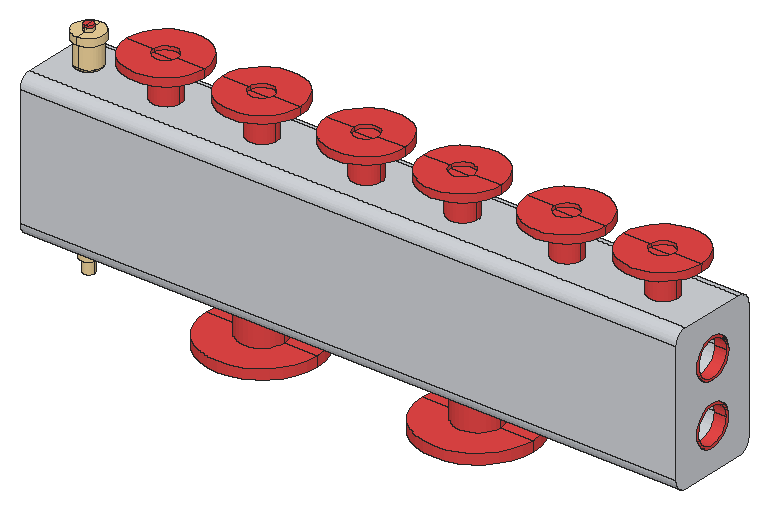
Revit family "R586SEFL", category Pipe Accessories, Revit 2025
Family settings
  Round Connector Dimension = Use Diameter
  Part Type = Normal
  Work Plane-Based = No
  Always vertical = No
  Cut with Voids When Loaded = No
  Shared = No
Parameters (values of type "3 Derivations")
  Width = 150 mm
  URL = "giacomini.com"
  Secondary Nominal Diameter = 40 mm
  Right Side Primary Array Value [instance] = if([Right Side Inlet/Outlet], 3, 2)  # 3
  Right Side Inlet/Outlet [instance] = yes
  Right Side Connector Position [instance] = if(Right Fittings, 54 mm, 0 mm)  # 0 mm
  Right Fittings [instance] = no
  Right Cap Visibility [instance] = not([Right Side Inlet/Outlet])  # no
  R1 = D1 / 2  # 33 mm
  Primary Nominal Diameter = 65 mm
  Model = "3 Derivations"
  Manufacturer = "Giacomini"  # constant formula
  Main Flow Supply [instance] = Flow Supply 1 + Flow Supply 2 + Flow Supply 3  # 0.0 L/s
  Main Flow Return [instance] = Flow Return 1 + Flow Return 2 + Flow Return 3  # 0.0 L/s
  Legth = 1093 mm
  Left Side Primary Array Value [instance] = if([Left Side Inlet/Outlet], 3, 2)  # 3
  Left Side Inlet/Outlet [instance] = yes
  Left Cap Visibility [instance] = not([Left Side Inlet/Outlet])  # no
  L4 = 230.5 mm
  L3 = 182.5 mm
  GIA_Temperature range = "5÷110 °C"  # constant formula
  GIA_Maximum Operating Pressure = "6 bar"  # constant formula
  GIA_Fluid for use = "Water , glycol solution (max. 50% glycol)"  # constant formula
  Flow Supply 3 [instance] = 0.0 L/s
  Flow Supply 2 [instance] = 0.0 L/s
  Flow Supply 1 [instance] = 0.0 L/s
  Flow Return 3 [instance] = 0.0 L/s
  Flow Return 2 [instance] = 0.0 L/s
  Flow Return 1 [instance] = 0.0 L/s
  Description = "Collector for heating plant with hydraulic separator, flanged and threaded connections"  # constant formula
  Default Elevation = 0 mm
  Code = "R586SEY23"
  C1 = yes
  I2 = 174 mm
  I1 = 160 mm
  L2 = 360 mm
  L1 = 342.5 mm
  L5 = 668 mm
  Bottom Side Inlet/Outlet [instance] = yes
  Secondary Outlet Array Value = 3
  D2 = 59.5 mm
  D1 = 66 mm
Types (2, lengths in mm): name | Width | Model | Legth | L4 | L3 | Code | C1 | L1 | L5 | Secondary Outlet Array Value
  2 Derivations | 100 | "2 Derivations" | 789 | 180 | 120 | "R586SEY22" | no | 264.5 | 628 | 2
  3 Derivations | 150 | "3 Derivations" | 1093 | 230.5 | 182.5 | "R586SEY23" | yes | 342.5 | 668 | 3
Reference planes
  plane 1 "Center (Front/Back)": y = 0
  plane 2: z = 0
  plane 3 "Center (Left/Right)": x = 0
  plane 4: z = 50
  plane 5: z = -50
  plane 6 "M": y = -75
  plane 7: z = -100
  plane 8: z = 100
  plane 9: x = 54
  plane 10: x = 1093
  plane 11 "1": x = 182.5
  plane 12 "2": x = 342.5
  plane 13 "3": x = 516.5
  plane 14 "4": x = 676.5
  plane 15: x = 342.5
  plane 16: x = 702.5
  plane 17: x = 1073
  plane 18: x = 850.5
  plane 19: x = 573
  plane 20 "5": x = 850.5
  plane 21 "6": x = 1010.5
  plane 22 "Upper": z = 185.5
  plane 23: y = -150
  plane 24: z = -194
  plane 25: y = 125
  plane 26: y = 25
  plane 27: x = 20
  plane 28: x = 182.5
  plane 29: x = 1093
Forms (mm)
  Revolve 1, solid, material "Red - Giacomini", detail levels medium+fine
    sketch origin (-495.806, -75, 0) x (-1, 0, 0) y (0, 0, 1)
      loop
        line (-563.714, 115.072) -> (-563.714, 100) -> (-549.806, 100) -> (-549.806, 115.072) -> (-563.714, 115.072)
      axis (-549.806, 115.072) -> (-549.806, 100)
    angle from 0 to 360
  Revolve 2, solid, material "Red - Giacomini", detail levels medium+fine
    sketch origin (0, -75, 0) x (0, 0, 1) y (-1, 0, 0)
      loop
        line (-115.072, -67.908) -> (-100, -67.908) -> (-100, -54) -> (-115.072, -54) -> (-115.072, -67.908)
      axis (-115.072, -54) -> (-100, -54)
    angle from 0 to 360
  Revolve 3, solid, material "Red - Giacomini", detail levels medium+fine
    sketch origin (0, -75, 0) x (0, 0, 1) y (-1, 0, 0)
      loop
        line (-100, -177.5) -> (-130.517, -177.5) -> (-130.517, -182.5) -> (-100, -182.5) -> (-100, -177.5)
      axis (-100, -182.5) -> (-130.517, -182.5)
    angle from 0 to 360
  Revolve 4, solid, material "Red - Giacomini", detail levels medium+fine
    sketch origin (0, -75, 0) x (0, 0, 1) y (-1, 0, 0)
      loop
        line (-100, -305) -> (-177, -305) -> (-177, -250) -> (-194, -250) -> (-194, -310) -> (-189, -310) -> (-189, -342.5) -> (-100, -342.5) -> (-100, -305)
      axis (-100, -342.5) -> (-194, -342.5)
    angle from 0 to 360
  Revolve 5, solid, material "Red - Giacomini", detail levels medium+fine
    sketch origin (0, -75, 0) x (0, 0, 1) y (-1, 0, 0)
      loop
        line (-100, -553) -> (-116.505, -553) -> (-116.505, -554.256) -> (-118.982, -554.256) -> (-118.982, -573) -> (-100, -573) -> (-100, -553)
      axis (-100, -573) -> (-118.982, -573)
    angle from 0 to 360
  Revolve 6, solid, material "Red - Giacomini", detail levels medium+fine
    sketch origin (0, -75, 0) x (0, 0, 1) y (-1, 0, 0)
      loop
        line (-100, -845.5) -> (-130.517, -845.5) -> (-130.517, -850.5) -> (-100, -850.5) -> (-100, -845.5)
      axis (-100, -850.5) -> (-130.517, -850.5)
    angle from 0 to 360
  Revolve 7, solid, material "Red - Giacomini", detail levels medium+fine
    sketch origin (0, -75, 0) x (0, 0, 1) y (-1, 0, 0)
      loop
        line (-100, -665) -> (-177, -665) -> (-177, -610) -> (-194, -610) -> (-194, -670) -> (-189, -670) -> (-189, -702.5) -> (-100, -702.5) -> (-100, -665)
      axis (-100, -702.5) -> (-194, -702.5)
    angle from 0 to 360
  Extrusion 8, solid, material "Brass - Giacomini", detail levels medium+fine
    sketch origin (733.376, -60, -213.91) x (1, 0, 0) y (0, 1, 0)
      loop
        line (-160.376, -3.091) -> (-171.43, -9.229) -> (-171.43, -21.749) -> (-160.376, -28.131) -> (-149.533, -21.871) -> (-149.533, -8.74) -> (-160.376, -3.091)
    from 86.101 to 94.928
  Extrusion 9, solid, material "Red - Giacomini", detail levels medium+fine
    sketch origin (0, -60, 0) x (0, 1, 0) y (0, 0, 1)
      loop
        circle (-15, 50) r 29.75
      loop
        circle (-15, 50) r 33
    from 0 to 20
  Extrusion 10, solid, material "Red - Giacomini", detail levels medium+fine
    sketch origin (0, -60, 0) x (0, 1, 0) y (0, 0, 1)
      loop
        circle (-15, -50) r 29.75
      loop
        circle (-15, -50) r 33
    from 0 to 20
  Extrusion 11, solid, material "Red - Giacomini", detail levels medium+fine
    sketch origin (906, -59.375, 0) x (0, 1, 0) y (0, 0, -1)
      loop
        circle (-15, -50) r 29.75
      loop
        circle (-15, -50) r 33
    from -187 to -167
  Extrusion 12, solid, material "Red - Giacomini", detail levels medium+fine
    sketch origin (906, -60, 0) x (0, 1, 0) y (0, 0, -1)
      loop
        circle (-15, 50) r 29.75
      loop
        circle (-15, 50) r 33
    from -187 to -167
  Revolve 13, solid, material "Red - Giacomini"
    sketch origin (0, -75, 0) x (1, 0, 0) y (0, 0, 1)
      loop
        line (202.5, 185.5) -> (202.5, 180.5) -> (182.5, 180.5) -> (182.5, 100) -> (206.5, 100) -> (206.5, 172.5) -> (247.5, 172.5) -> (247.5, 185.5) -> (202.5, 185.5)
      axis (182.5, 100) -> (182.5, 185.5)
    angle from 0 to 360
  Revolve 14, solid, material "Red - Giacomini"
    sketch origin (160, -75, 0) x (1, 0, 0) y (0, 0, 1)
      loop
        line (202.5, 185.5) -> (202.5, 180.5) -> (182.5, 180.5) -> (182.5, 100) -> (206.5, 100) -> (206.5, 172.5) -> (247.5, 172.5) -> (247.5, 185.5) -> (202.5, 185.5)
      axis (182.5, 100) -> (182.5, 185.5)
    angle from 0 to 360
  Revolve 15, solid, material "Red - Giacomini"
    sketch origin (334, -75, 0) x (1, 0, 0) y (0, 0, 1)
      loop
        line (202.5, 185.5) -> (202.5, 180.5) -> (182.5, 180.5) -> (182.5, 100) -> (206.5, 100) -> (206.5, 172.5) -> (247.5, 172.5) -> (247.5, 185.5) -> (202.5, 185.5)
      axis (182.5, 100) -> (182.5, 185.5)
    angle from 0 to 360
  Revolve 16, solid, material "Red - Giacomini"
    sketch origin (494, -75, 0) x (1, 0, 0) y (0, 0, 1)
      loop
        line (202.5, 185.5) -> (202.5, 180.5) -> (182.5, 180.5) -> (182.5, 100) -> (206.5, 100) -> (206.5, 172.5) -> (247.5, 172.5) -> (247.5, 185.5) -> (202.5, 185.5)
      axis (182.5, 100) -> (182.5, 185.5)
    angle from 0 to 360
  Revolve 17, solid, material "Red - Giacomini", visible <- "C1"
    sketch origin (668, -75, 0) x (1, 0, 0) y (0, 0, 1)
      loop
        line (202.5, 185.5) -> (202.5, 180.5) -> (182.5, 180.5) -> (182.5, 100) -> (206.5, 100) -> (206.5, 172.5) -> (247.5, 172.5) -> (247.5, 185.5) -> (202.5, 185.5)
      axis (182.5, 100) -> (182.5, 185.5)
    angle from 0 to 360
  Revolve 18, solid, material "Red - Giacomini", visible <- "C1"
    sketch origin (828, -75, 0) x (1, 0, 0) y (0, 0, 1)
      loop
        line (202.5, 185.5) -> (202.5, 180.5) -> (182.5, 180.5) -> (182.5, 100) -> (206.5, 100) -> (206.5, 172.5) -> (247.5, 172.5) -> (247.5, 185.5) -> (202.5, 185.5)
      axis (182.5, 100) -> (182.5, 185.5)
    angle from 0 to 360
  Extrusion 19, solid
    sketch origin (0, 0, 0) x (0, 1, 0) y (0, 0, 1)
      loop
        line (-20, 120) -> (-130, 120)
        arc (-130, 120) -> (-144.142, 114.142) -> (-150, 100) r 20
        line (-150, 100) -> (-150, -100)
        arc (-150, -100) -> (-144.142, -114.142) -> (-130, -120) r 20
        line (-130, -120) -> (-20, -120)
        arc (-20, -120) -> (-5.858, -114.142) -> (0, -100) r 20
        line (0, -100) -> (0, 100)
        arc (0, 100) -> (-5.858, 114.142) -> (-20, 120) r 20
    from 0 to 1093
  Extrusion 20, void
    sketch origin (0, 0, 0) x (0, 1, 0) y (0, 0, 1)
      loop
        circle (-75, 50) r 33
      loop
        circle (-75, -50) r 33
    from 0 to 1093
Cuts and joins
  Extrusion 20 cuts Extrusion 19
Dimensions and locks
  equal spacing: plane 8, plane 4, plane 2
  equal spacing: plane 2, plane 5, plane 7
  equal spacing: plane 4, plane 2, plane 5
  locked: plane 4 to plane 5 at 100
  "Legth": plane 10 to plane 3 "Center (Left/Right)"
  plane 9 to plane 3 "Center (Left/Right)" = 54 mm
  locked: plane 11 "1" to plane 3 "Center (Left/Right)" at 182.5
  locked: plane 12 "2" to plane 11 "1" at 160
  locked: plane 13 "3" to plane 12 "2" at 174
  locked: plane 14 "4" to plane 13 "3" at 160
  "L1": plane 15 to plane 3 "Center (Left/Right)"
  locked: plane 16 to plane 15 at 360
  locked: plane 10 to plane 17 at 20
  "L4": plane 19 to plane 15
  locked: Revolve 3 sketch curve to Revolve 3 sketch curve at 5
  Extrusion 8 sketch curve to Extrusion 8 sketch curve to Extrusion 8 sketch curve to Extrusion 8 sketch curve to Extrusion 8 sketch curve to Extrusion 8 sketch curve = 6.078 mm locked, 0.489 mm locked, 12.155 mm locked, 0.363 mm locked, 6.374 mm locked
  locked: Extrusion 8 to Extrusion 8 at 8.827
  equal spacing: plane 1 "Center (Front/Back)", plane 6 "M", plane 23
  "Width": plane 1 "Center (Front/Back)" to plane 23
  plane 19 to Revolve 5 sketch curve to Revolve 5 sketch curve = 18.744 mm locked, 1.256 mm locked
  locked: plane 18 to Revolve 6 sketch curve at 5
  locked: plane 7 to nested 1 at 15.072
  equal spacing: group 1, group 2, group 15  (x2)
  equal spacing: group 15, group 2, group 1
  locked: level to plane 24 at 194
  plane 6 "M" to plane 26 to plane 25 = 100 mm locked, 100 mm locked
  equal spacing: group 3, group 4, group 5  (x2)
  equal spacing: group 5, group 4, group 3
  equal spacing: group 6, group 7, group 8  (x2)
  equal spacing: group 8, group 7, group 6
  equal spacing: group 9, group 10, group 11  (x2)
  equal spacing: group 11, group 10, group 9
  equal spacing: group 14, group 13, group 12  (x2)
  equal spacing: group 12, group 13, group 14
  locked: plane 27 to plane 3 "Center (Left/Right)" at 20
  locked: plane 20 "5" to plane 14 "4" at 174
  locked: plane 20 "5" to plane 21 "6" at 160
  plane 22 "Upper" to level = 185.5 mm
  locked: Revolve 13 sketch curve to Revolve 13 sketch curve at 13
  locked: Revolve 13 sketch curve to Revolve 13 sketch curve at 65
  locked: Revolve 13 sketch curve to Revolve 13 sketch curve at 20
  locked: Revolve 13 sketch curve to Revolve 13 sketch curve at 24
  locked: Revolve 14 sketch curve to Revolve 14 sketch curve at 13
  locked: Revolve 14 sketch curve to Revolve 14 sketch curve at 65
  locked: Revolve 14 sketch curve to Revolve 14 sketch curve at 20
  locked: Revolve 14 sketch curve to Revolve 14 sketch curve at 24
  locked: Revolve 15 sketch curve to Revolve 15 sketch curve at 13
  locked: Revolve 15 sketch curve to Revolve 15 sketch curve at 65
  locked: Revolve 15 sketch curve to Revolve 15 sketch curve at 20
  locked: Revolve 15 sketch curve to Revolve 15 sketch curve at 24
  locked: Revolve 16 sketch curve to Revolve 16 sketch curve at 13
  locked: Revolve 16 sketch curve to Revolve 16 sketch curve at 65
  locked: Revolve 16 sketch curve to Revolve 16 sketch curve at 20
  locked: Revolve 16 sketch curve to Revolve 16 sketch curve at 24
  locked: Revolve 17 sketch curve to Revolve 17 sketch curve at 13
  locked: Revolve 17 sketch curve to Revolve 17 sketch curve at 65
  locked: Revolve 17 sketch curve to Revolve 17 sketch curve at 20
  locked: Revolve 17 sketch curve to Revolve 17 sketch curve at 24
  locked: Revolve 18 sketch curve to Revolve 18 sketch curve at 13
  locked: Revolve 18 sketch curve to Revolve 18 sketch curve at 65
  locked: Revolve 18 sketch curve to Revolve 18 sketch curve at 20
  locked: Revolve 18 sketch curve to Revolve 18 sketch curve at 24
  locked: Revolve 4 sketch curve to Revolve 4 sketch curve at 92.5
  locked: Revolve 4 sketch curve to Revolve 4 sketch curve at 37.5
  locked: Revolve 4 sketch curve to Revolve 4 sketch curve at 17
  locked: Revolve 7 sketch curve to Revolve 7 sketch curve at 92.5
  locked: Revolve 7 sketch curve to Revolve 7 sketch curve at 37.5
  locked: Revolve 7 sketch curve to Revolve 7 sketch curve at 17
  "L3": plane 3 "Center (Left/Right)" to plane 28
  "L5": plane 28 to plane 18
  locked: Extrusion 19 sketch curve to Extrusion 19 sketch curve at 240
  equal spacing: Extrusion 19 sketch curve, level, Extrusion 19 sketch curve
  "Right Side Connector Position": plane 10 to plane 29
  "D1": diameter of Extrusion 9 sketch curve
  "D2": diameter of Extrusion 9 sketch curve
  "D1": diameter of Extrusion 10 sketch curve
  "D2": diameter of Extrusion 10 sketch curve
  "D1": diameter of Extrusion 11 sketch curve
  "D2": diameter of Extrusion 11 sketch curve
  "D1": diameter of Extrusion 12 sketch curve
  "D2": diameter of Extrusion 12 sketch curve
  "R1": radius of Extrusion 20 sketch curve  (x2)
  aligned and locked: level to plane 2
  aligned and locked: plane 5 to Extrusion 10 sketch curve  (x2)
  aligned and locked: plane 6 "M" to Extrusion 10 sketch curve  (x2)
  aligned and locked: plane 6 "M" to Extrusion 9 sketch curve  (x2)
  aligned and locked: plane 4 to Extrusion 9 sketch curve  (x2)
  aligned and locked: Revolve 5 sketch curve to plane 19  (x2)
  aligned and locked: Revolve 6 sketch curve to plane 18  (x2)
  aligned and locked: plane 6 "M" to nested 1
  aligned and locked: Extrusion 11 to plane 17
  aligned and locked: Extrusion 12 to plane 17
  aligned and locked: plane 10 to Extrusion 11
  aligned and locked: plane 10 to Extrusion 12
  aligned and locked: plane 4 to Extrusion 11 sketch curve  (x2)
  aligned and locked: plane 6 "M" to Extrusion 12 sketch curve
  aligned and locked: plane 5 to Extrusion 12 sketch curve
  aligned and locked: nested 5 to plane 6 "M"
  aligned and locked: plane 11 "1" to nested 6
  aligned and locked: nested 6 to plane 6 "M"
  aligned and locked: nested 7 to plane 6 "M"
  aligned and locked: nested 10 to plane 4
  aligned and locked: plane 4 to nested 8
  aligned and locked: nested 11 to plane 5
  aligned and locked: plane 5 to nested 9
  aligned and locked: plane 13 "3" to nested 12
  aligned and locked: nested 12 to plane 6 "M"
  aligned and locked: plane 4 to nested 4
  aligned and locked: nested 2 to plane 4
  aligned and locked: nested 4 to plane 6 "M"
  aligned and locked: plane 5 to nested 5
  aligned and locked: nested 3 to plane 5
  aligned and locked: nested 14 to plane 15
  aligned and locked: nested 14 to plane 6 "M"
  aligned and locked: nested 15 to plane 16
  aligned and locked: nested 15 to plane 6 "M"
  aligned and locked: plane 25 to nested 10
  aligned and locked: plane 26 to nested 16
  aligned and locked: nested 17 to plane 6 "M"
  aligned and locked: nested 16 to plane 4
  aligned and locked: nested 17 to plane 4
  aligned and locked: plane 25 to nested 11
  aligned and locked: plane 26 to nested 18
  aligned and locked: nested 19 to plane 6 "M"
  aligned and locked: plane 25 to nested 8
  aligned and locked: plane 26 to nested 20
  aligned and locked: nested 21 to plane 6 "M"
  aligned and locked: plane 4 to nested 20
  aligned and locked: plane 4 to nested 21
  aligned and locked: plane 26 to nested 22
  aligned and locked: plane 5 to nested 22
  aligned and locked: plane 5 to nested 23
  aligned and locked: nested 23 to plane 6 "M"
  aligned and locked: nested 19 to plane 5
  aligned and locked: nested 18 to plane 5
  aligned and locked: nested 3 to plane 6 "M"
  aligned and locked: plane 6 "M" to Revolve 1
  aligned and locked: nested 26 to plane 9
  aligned and locked: plane 6 "M" to nested 26
  aligned and locked: Revolve 1 to nested 26
  aligned and locked: plane 27 to Extrusion 9
  aligned and locked: plane 27 to Extrusion 10
  aligned and locked: plane 12 "2" to nested 7
  aligned and locked: nested 2 to plane 6 "M"
  aligned and locked: plane 11 "1" to Revolve 13 sketch curve  (x2)
  aligned and locked: plane 8 to Revolve 13 sketch curve
  aligned and locked: plane 22 "Upper" to Revolve 13 sketch curve
  aligned and locked: plane 13 "3" to Revolve 15 sketch curve
  aligned and locked: plane 14 "4" to Revolve 16 sketch curve
  aligned and locked: Revolve 17 sketch curve to plane 20 "5"
  aligned and locked: Revolve 18 sketch curve to plane 21 "6"
  aligned and locked: plane 15 to Revolve 4 sketch curve
  aligned and locked: Revolve 4 sketch curve to plane 24
  aligned and locked: Revolve 4 sketch curve to Revolve 4 sketch curve
  aligned and locked: Revolve 7 sketch curve to Revolve 7 sketch curve
  aligned and locked: plane 16 to Revolve 7 sketch curve
  aligned and locked: plane 24 to Revolve 7 sketch curve
  aligned and locked: plane 7 to Revolve 7 sketch curve
  aligned and locked: plane 22 "Upper" to nested 6
  aligned and locked: plane 22 "Upper" to nested 12
  aligned and locked: Extrusion 8 to Revolve 5
  aligned and locked: nested 15 to plane 24
  aligned and locked: plane 12 "2" to Revolve 14 sketch curve
  aligned and locked: plane 28 to Revolve 3 sketch curve
  aligned and locked: Revolve 3 sketch curve to Revolve 3 sketch curve
  aligned and locked: Revolve 17 sketch curve to Revolve 17 sketch curve
  aligned and locked: plane 9 to nested 1
  aligned and locked: plane 6 "M" to Revolve 13
  aligned and locked: plane 6 "M" to Revolve 14
  aligned and locked: plane 6 "M" to Revolve 15
  aligned and locked: plane 6 "M" to Revolve 16
  aligned and locked: plane 6 "M" to Revolve 17
  aligned and locked: plane 6 "M" to Revolve 18
  aligned and locked: plane 1 "Center (Front/Back)" to Extrusion 19 sketch curve
  aligned and locked: plane 23 to Extrusion 19 sketch curve
  aligned and locked: plane 10 to Extrusion 19
  aligned and locked: Extrusion 19 to plane 3 "Center (Left/Right)"
  aligned and locked: plane 4 to Extrusion 20 sketch curve
  aligned and locked: plane 6 "M" to Extrusion 20 sketch curve  (x2)
  aligned and locked: plane 5 to Extrusion 20 sketch curve
  aligned and locked: plane 10 to Extrusion 20
  aligned and locked: Extrusion 20 to plane 3 "Center (Left/Right)"
  aligned and locked: nested 27 to plane 4
  aligned and locked: nested 28 to plane 5
  aligned and locked: nested 27 to plane 10
  aligned and locked: nested 28 to plane 10
  aligned and locked: nested 28 to plane 6 "M"
  aligned and locked: nested 27 to plane 6 "M"
  aligned and locked: nested 8 to plane 29
  aligned and locked: nested 20 to plane 29
  aligned and locked: nested 21 to plane 29
  aligned and locked: nested 9 to plane 29
  aligned and locked: nested 22 to plane 29
  aligned and locked: nested 23 to plane 29
Automatic sketch dimensions
  Revolve 1 sketch curve to plane 8 = 0 mm
  Revolve 1 sketch curve to plane 9 = 0 mm  (x2)
  plane 9 to Revolve 1 sketch curve = 13.908 mm
  Revolve 1 sketch curve to Revolve 1 sketch curve = 15.072 mm
  Revolve 1 sketch curve to Revolve 1 sketch curve = 5.072 mm
  Revolve 1 sketch curve to Revolve 1 sketch curve = 5 mm
  Revolve 2 sketch curve to plane 9 = 0 mm  (x2)
  Revolve 2 sketch curve to plane 7 = 0 mm
  Revolve 2 sketch curve to Revolve 2 sketch curve = 15.072 mm
  plane 9 to Revolve 2 sketch curve = 13.908 mm
  Revolve 2 sketch curve to Revolve 2 sketch curve = 5.072 mm
  Revolve 2 sketch curve to Revolve 2 sketch curve = 5 mm
  Revolve 3 sketch curve to plane 7 = 0 mm
  Revolve 3 sketch curve to Revolve 3 sketch curve = 30.517 mm
  Revolve 3 sketch curve to Revolve 3 sketch curve = 5 mm
  Revolve 3 sketch curve to Revolve 3 sketch curve = 12.49 mm
  Revolve 5 sketch curve to plane 7 = 0 mm
  Revolve 5 sketch curve to plane 7 = 16.505 mm
  Revolve 5 sketch curve to Revolve 5 sketch curve = 2.477 mm
  plane 7 to Revolve 5 sketch curve = 2.124 mm
  Revolve 5 sketch curve to Revolve 5 sketch curve = 8.532 mm
  Revolve 6 sketch curve to plane 7 = 0 mm
  Revolve 6 sketch curve to Revolve 6 sketch curve = 30.517 mm
  plane 7 to Revolve 6 sketch curve = 3.679 mm
  Revolve 6 sketch curve to Revolve 6 sketch curve = 10 mm
  Extrusion 8 sketch curve to plane 19 = 0 mm  (x2)
  plane 6 "M" to Extrusion 8 sketch curve = 6.749 mm
  Extrusion 8 sketch curve to plane 19 = 11.054 mm
  Extrusion 8 sketch curve to plane 6 "M" = 6.26 mm
  plane 22 "Upper" to Revolve 13 sketch curve = 5 mm
  Revolve 13 sketch curve to Revolve 13 sketch curve = 15 mm
  Revolve 13 sketch curve to plane 22 "Upper" = 40 mm
  Revolve 14 sketch curve to plane 8 = 0 mm
  Revolve 14 sketch curve to plane 12 "2" = 0 mm
  Revolve 14 sketch curve to plane 22 "Upper" = 0 mm
  Revolve 14 sketch curve to Revolve 14 sketch curve = 5 mm
  Revolve 14 sketch curve to Revolve 14 sketch curve = 15 mm
  Revolve 14 sketch curve to plane 22 "Upper" = 40 mm
  Revolve 15 sketch curve to plane 8 = 0 mm
  Revolve 15 sketch curve to plane 13 "3" = 0 mm
  Revolve 15 sketch curve to plane 22 "Upper" = 0 mm
  Revolve 15 sketch curve to Revolve 15 sketch curve = 5 mm
  Revolve 15 sketch curve to Revolve 15 sketch curve = 15 mm
  Revolve 15 sketch curve to plane 22 "Upper" = 40 mm
  Revolve 16 sketch curve to plane 8 = 0 mm
  Revolve 16 sketch curve to plane 14 "4" = 0 mm
  Revolve 16 sketch curve to plane 22 "Upper" = 0 mm
  Revolve 16 sketch curve to Revolve 16 sketch curve = 5 mm
  Revolve 16 sketch curve to Revolve 16 sketch curve = 15 mm
  Revolve 16 sketch curve to plane 22 "Upper" = 40 mm
  Revolve 17 sketch curve to plane 8 = 0 mm
  Revolve 17 sketch curve to plane 22 "Upper" = 0 mm
  Revolve 17 sketch curve to Revolve 17 sketch curve = 5 mm
  Revolve 17 sketch curve to Revolve 17 sketch curve = 15 mm
  Revolve 17 sketch curve to plane 22 "Upper" = 40 mm
  Revolve 18 sketch curve to plane 8 = 0 mm
  plane 21 "6" to Revolve 18 sketch curve = 0 mm
  Revolve 18 sketch curve to plane 22 "Upper" = 0 mm
  Revolve 18 sketch curve to Revolve 18 sketch curve = 5 mm
  Revolve 18 sketch curve to Revolve 18 sketch curve = 15 mm
  Revolve 18 sketch curve to plane 22 "Upper" = 40 mm
  Revolve 4 sketch curve to plane 7 = 0 mm
  plane 24 to Revolve 4 sketch curve = 5 mm
  Revolve 4 sketch curve to Revolve 4 sketch curve = 5 mm
  Revolve 4 sketch curve to plane 24 = 35 mm
  plane 24 to Revolve 7 sketch curve = 5 mm
  Revolve 7 sketch curve to Revolve 7 sketch curve = 5 mm
  Revolve 7 sketch curve to plane 24 = 35 mm
  Revolve 4 sketch curve to Revolve 4 sketch curve = 25 mm
  Revolve 7 sketch curve to Revolve 7 sketch curve = 25 mm
  Extrusion 19 sketch curve to plane 8 = 0 mm  (x2)
  Extrusion 19 sketch curve to plane 7 = 0 mm
  plane 7 to Extrusion 19 sketch curve = 0 mm
  Extrusion 11 sketch curve to Extrusion 11 sketch curve = 0 mm
  Extrusion 11 sketch curve to plane 6 "M" = 0.625 mm
  Extrusion 12 sketch curve to Extrusion 12 sketch curve = 0 mm  (x2)
Nested families
  nested 1: "Valve1" at (54, -75, -185), type "Family2", detail levels medium+fine
    with Brass none
  nested 2: "Cap" at (1093, -75, 50) x (0, 1, 0) z (1, 0, 0), visible <- "Right Cap Visibility", type "Cap"
    with R1 33.554 mm, Height 16 mm, Dimension 62 mm
  nested 3: "Cap" at (1093, -75, -50) x (0, 1, 0) z (1, 0, 0), visible <- "Right Cap Visibility", type "Cap"
    with R1 33.554 mm, Height 16 mm, Dimension 62 mm
  nested 4: "Cap" at (0, -75, 50) x (0, 1, 0) z (-1, 0, 0), visible <- "Left Cap Visibility", type "Cap"
    with R1 33.554 mm, Height 16 mm, Dimension 62 mm
  nested 5: "Cap" at (0, -75, -50) x (0, 1, 0) z (-1, 0, 0), visible <- "Left Cap Visibility", type "Cap"
    with R1 33.554 mm, Height 16 mm, Dimension 62 mm
  nested 6: "Connector" at (182.5, -75, 185.5) x (1, 0, 0) z (0, 0, -1), type "Family2", not visible
  nested 7: "Connector" at (342.5, -75, 185.5) x (1, 0, 0) z (0, 0, -1), type "Family2", not visible
  nested 8: "Connector" at (1093, 125, 50) x (0, 1, 0) z (-1, 0, 0), type "Family2", not visible
  nested 9: "Connector" at (1093, 125, -50) x (0, 1, 0) z (-1, 0, 0), type "Family2", not visible
  nested 10: "Connector" at (0, 125, 50) x (0, 1, 0) z (1, 0, 0), type "Family2", not visible
  nested 11: "Connector" at (0, 125, -50) x (0, 1, 0) z (1, 0, 0), type "Family2", not visible
  nested 12: "Connector" at (516.5, -75, 185.5) x (1, 0, 0) z (0, 0, -1), type "Family2", not visible
  nested 13: "Connector" at (676.5, -75, 185.5) x (1, 0, 0) z (0, 0, -1), type "Family2", not visible
  nested 14: "Connector" at (342.5, -75, -194) x (-1, 0, 0) z (0, 0, 1), type "Family2", not visible
  nested 15: "Connector" at (702.5, -75, -194) x (-1, 0, 0) z (0, 0, 1), type "Family2", not visible
  nested 16: "Connector" at (0, 25, 50) x (0, 1, 0) z (1, 0, 0), type "Family2", not visible
  nested 17: "Connector" at (0, -75, 50) x (0, 1, 0) z (1, 0, 0), type "Family2", not visible
  nested 18: "Connector" at (0, 25, -50) x (0, 1, 0) z (1, 0, 0), type "Family2", not visible
  nested 19: "Connector" at (0, -75, -50) x (0, 1, 0) z (1, 0, 0), type "Family2", not visible
  nested 20: "Connector" at (1093, 25, 50) x (0, 1, 0) z (-1, 0, 0), type "Family2", not visible
  nested 21: "Connector" at (1093, -75, 50) x (0, 1, 0) z (-1, 0, 0), type "Family2", not visible
  nested 22: "Connector" at (1093, 25, -50) x (0, 1, 0) z (-1, 0, 0), type "Family2", not visible
  nested 23: "Connector" at (1093, -75, -50) x (0, 1, 0) z (-1, 0, 0), type "Family2", not visible
  nested 24: "Connector" at (850.5, -75, 185.5) x (1, 0, 0) z (0, 0, -1), type "Family2", not visible
  nested 25: "Connector" at (1010.5, -75, 185.5) x (1, 0, 0) z (0, 0, -1), type "Family2", not visible
  nested 26: "Valve 2" at (54, -75, 115.072) x (0, -1, 0) z (0, 0, 1), type "Family3"
  nested 27: "R20SP" at (1093, -75, 50) x (0, 1, 0) z (1, 0, 0), visible <- "Right Fittings", type "G 2”M x R 2”"
  nested 28: "R20SP" at (1093, -75, -50) x (0, 1, 0) z (1, 0, 0), visible <- "Right Fittings", type "G 2”M x R 2”"
Connectors
  piping at (182.5, -75, 185.5), diameter 40, driven by "Secondary Nominal Diameter", driven by "Flow Return 1"
    settings: on nested 6, index 1, connector inside diameter 609.6 mm, connector length 0 mm, flow factor 0, pipe flow 0.0 L/s, pressure drop 0.0 Pa, fitting loss kfactor 0, connector angle 0.00°, fixture units 0, engagement length 0 mm, angle of deflection 0.00°, flow configuration 0, flow direction 1, fitting loss method 0, system type 8, joint type 0, gender type 0, connector reference index -1, connector utility 0, adjustable connector no, is connector primary yes, connector description ""
  piping at (342.5, -75, 185.5), diameter 40, driven by "Secondary Nominal Diameter", driven by "Flow Supply 1"
    settings: on nested 7, index 2, connector inside diameter 609.6 mm, connector length 0 mm, flow factor 0, pipe flow 0.0 L/s, pressure drop 0.0 Pa, fitting loss kfactor 0, connector angle 0.00°, fixture units 0, engagement length 0 mm, angle of deflection 0.00°, flow configuration 0, flow direction 2, fitting loss method 0, system type 7, joint type 0, gender type 0, connector reference index -1, connector utility 0, adjustable connector no, is connector primary no, connector description ""
  piping at (516.5, -75, 185.5), diameter 40, driven by "Secondary Nominal Diameter", driven by "Flow Return 2"
    settings: on nested 12, index 3, connector inside diameter 609.6 mm, connector length 0 mm, flow factor 0, pipe flow 0.0 L/s, pressure drop 0.0 Pa, fitting loss kfactor 0, connector angle 0.00°, fixture units 0, engagement length 0 mm, angle of deflection 0.00°, flow configuration 0, flow direction 1, fitting loss method 0, system type 8, joint type 0, gender type 0, connector reference index -1, connector utility 0, adjustable connector no, is connector primary no, connector description ""
  piping at (676.5, -75, 185.5), diameter 40, driven by "Secondary Nominal Diameter", driven by "Flow Supply 2"
    settings: on nested 13, index 4, connector inside diameter 609.6 mm, connector length 0 mm, flow factor 0, pipe flow 0.0 L/s, pressure drop 0.0 Pa, fitting loss kfactor 0, connector angle 0.00°, fixture units 0, engagement length 0 mm, angle of deflection 0.00°, flow configuration 0, flow direction 2, fitting loss method 0, system type 7, joint type 0, gender type 0, connector reference index -1, connector utility 0, adjustable connector no, is connector primary no, connector description ""
  piping at (850.5, -75, 185.5), diameter 40, driven by "Secondary Nominal Diameter", driven by "Flow Return 3"
    settings: on nested 24, index 5, connector inside diameter 609.6 mm, connector length 0 mm, flow factor 0, pipe flow 0.0 L/s, pressure drop 0.0 Pa, fitting loss kfactor 0, connector angle 0.00°, fixture units 0, engagement length 0 mm, angle of deflection 0.00°, flow configuration 0, flow direction 1, fitting loss method 0, system type 8, joint type 0, gender type 0, connector reference index -1, connector utility 0, adjustable connector no, is connector primary no, connector description ""
  piping at (1010.5, -75, 185.5), diameter 40, driven by "Secondary Nominal Diameter", driven by "Flow Supply 3"
    settings: on nested 25, index 6, connector inside diameter 609.6 mm, connector length 0 mm, flow factor 0, pipe flow 0.0 L/s, pressure drop 0.0 Pa, fitting loss kfactor 0, connector angle 0.00°, fixture units 0, engagement length 0 mm, angle of deflection 0.00°, flow configuration 0, flow direction 2, fitting loss method 0, system type 7, joint type 0, gender type 0, connector reference index -1, connector utility 0, adjustable connector no, is connector primary no, connector description ""
  piping at (0, -75, 50), diameter 65, driven by "Primary Nominal Diameter", driven by "Main Flow Supply"
    settings: on nested 17, index 7, connector inside diameter 609.6 mm, connector length 0 mm, flow factor 0, pipe flow 0.0 L/s, pressure drop 0.0 Pa, fitting loss kfactor 0, connector angle 0.00°, fixture units 0, engagement length 0 mm, angle of deflection 0.00°, flow configuration 1, flow direction 1, fitting loss method 0, system type 7, joint type 0, gender type 0, connector reference index -1, connector utility 0, adjustable connector no, is connector primary no, connector description ""
  piping at (0, -75, -50), diameter 65, driven by "Primary Nominal Diameter", driven by "Main Flow Return"
    settings: on nested 19, index 8, connector inside diameter 609.6 mm, connector length 0 mm, flow factor 0, pipe flow 0.0 L/s, pressure drop 0.0 Pa, fitting loss kfactor 0, connector angle 0.00°, fixture units 0, engagement length 0 mm, angle of deflection 0.00°, flow configuration 1, flow direction 2, fitting loss method 0, system type 8, joint type 0, gender type 0, connector reference index -1, connector utility 0, adjustable connector no, is connector primary no, connector description ""
  piping at (1093, -75, 50), diameter 65, driven by "Primary Nominal Diameter", driven by "Main Flow Supply"
    settings: on nested 21, index 9, connector inside diameter 609.6 mm, connector length 0 mm, flow factor 0, pipe flow 0.0 L/s, pressure drop 0.0 Pa, fitting loss kfactor 0, connector angle 0.00°, fixture units 0, engagement length 0 mm, angle of deflection 0.00°, flow configuration 1, flow direction 1, fitting loss method 0, system type 7, joint type 0, gender type 0, connector reference index -1, connector utility 0, adjustable connector no, is connector primary no, connector description ""
  piping at (1093, -75, -50), diameter 65, driven by "Primary Nominal Diameter", driven by "Main Flow Return"
    settings: on nested 23, index 10, connector inside diameter 609.6 mm, connector length 0 mm, flow factor 0, pipe flow 0.0 L/s, pressure drop 0.0 Pa, fitting loss kfactor 0, connector angle 0.00°, fixture units 0, engagement length 0 mm, angle of deflection 0.00°, flow configuration 1, flow direction 2, fitting loss method 0, system type 8, joint type 0, gender type 0, connector reference index -1, connector utility 0, adjustable connector no, is connector primary no, connector description ""
  piping at (342.5, -75, -194), diameter 65, driven by "Primary Nominal Diameter", driven by "Main Flow Supply"
    settings: on nested 14, index 11, connector inside diameter 609.6 mm, connector length 0 mm, flow factor 0, pipe flow 0.0 L/s, pressure drop 0.0 Pa, fitting loss kfactor 0, connector angle 0.00°, fixture units 0, engagement length 0 mm, angle of deflection 0.00°, flow configuration 1, flow direction 2, fitting loss method 0, system type 7, joint type 0, gender type 0, connector reference index -1, connector utility 0, adjustable connector no, is connector primary no, connector description ""
  piping at (702.5, -75, -194), diameter 65, driven by "Primary Nominal Diameter", driven by "Main Flow Return"
    settings: on nested 15, index 12, connector inside diameter 609.6 mm, connector length 0 mm, flow factor 0, pipe flow 0.0 L/s, pressure drop 0.0 Pa, fitting loss kfactor 0, connector angle 0.00°, fixture units 0, engagement length 0 mm, angle of deflection 0.00°, flow configuration 1, flow direction 1, fitting loss method 0, system type 8, joint type 0, gender type 0, connector reference index -1, connector utility 0, adjustable connector no, is connector primary no, connector description ""
Definition of nested family "Valve1"
  Parameters (values of type "Family2")
    Default Elevation = 0 mm
    Brass [instance] = none
  Reference planes
    plane 1 "Center (Front/Back)": y = 0
    plane 2: z = 0
    plane 3 "Center (Left/Right)": x = 0
    plane 4: z = 197.743
    plane 5: x = 7.787
  Forms (mm)
    Revolve 1, solid
      sketch origin (-50, 0.489, 155) x (0, 0, 1) y (-1, 0, 0)
        loop
          line (-85.072, -57.519) -> (-85.072, -50) -> (-155, -50) -> (-155, -59.006) -> (-132.782, -59.006) -> (-132.782, -64.894) -> (-123.538, -64.894) -> (-119.28, -57.519) -> (-85.072, -57.519)
        axis (-85.072, -50) -> (-155, -50)
      angle from 0 to 360
    Revolve 2, solid
      sketch origin (-50, 0.489, 155) x (0, 0, 1) y (-1, 0, 0)
        loop
          line (-106.083, -27.336) -> (-106.083, -61.045)
          arc (-106.083, -61.045) -> (-101.439, -60.563) -> (-97.843, -57.583) r 8.051
          line (-97.843, -57.583) -> (-97.843, -45.244) -> (-93.512, -37.743) -> (-93.512, -32.743) -> (-93.512, -27.336) -> (-106.083, -27.336)
        axis (-106.083, -27.336) -> (-106.083, -61.045)
      angle from 0 to 360
    Extrusion 3, solid
      sketch origin (248.256, 0.489, -25) x (1, 0, 0) y (0, 1, 0)
        loop
          line (-254.607, 10.511) -> (-260.958, -0.489) -> (-254.607, -11.489) -> (-241.905, -11.489) -> (-235.554, -0.489) -> (-241.905, 10.511) -> (-254.607, 10.511)
      from 86.468 to 94.928
  Dimensions and locks
    Revolve 1 sketch curve to Revolve 1 sketch curve = 9.244 mm
    locked: Revolve 1 sketch curve to Revolve 1 sketch curve at 8.516
    locked: Revolve 1 sketch curve to plane 5 at 7.107
    locked: Revolve 1 sketch curve to plane 5 at 1.219
    aligned and locked: level to plane 2
Definition of nested family "Cap"
  Parameters (values of type "Cap")
    R1 [instance] = (Dimension / 2) / cos(22.50°)  # 20 mm
    Height [instance] = 6 mm
    Dimension [instance] = 36.955 mm
    Default Elevation = 1219.2 mm
  Reference planes
    plane 1 "Center (Front/Back)": y = 0
    plane 2: z = 0
    plane 3 "Center (Left/Right)": x = 0
    plane 4: z = 6
  Forms (mm)
    Extrusion 1, solid
      sketch origin (0, 0, 0) x (1, 0, 0) y (0, 1, 0)
        loop
          line (0, 20) -> (-14.142, 14.142) -> (-20, 0) -> (-14.142, -14.142) -> (0, -20) -> (14.142, -14.142) -> (20, 0) -> (14.142, 14.142) -> (0, 20)
      from 0 to 6
  Dimensions and locks
    "Height": plane 4 to level
    equal spacing: Extrusion 1 sketch curve, plane 3 "Center (Left/Right)", Extrusion 1 sketch curve  (x4)
    "Dimension": Extrusion 1 sketch curve to Extrusion 1 sketch curve  (x4)
    locked: Extrusion 1 sketch curve to Extrusion 1 sketch curve (angle 135.00°)  (x4)
    aligned and locked: level to plane 2
    aligned and locked: Extrusion 1 to plane 4
    aligned and locked: Extrusion 1 to level
  Automatic sketch dimensions
    plane 1 "Center (Front/Back)" to Extrusion 1 sketch curve = 0 mm  (x2)
    Extrusion 1 sketch curve to plane 3 "Center (Left/Right)" = 0 mm  (x2)
Definition of nested family "Connector"
  Parameters
    Default Elevation = 1219.2 mm
  Reference planes
    plane 1 "Center (Front/Back)": y = 0
    plane 2: z = 0
    plane 3 "Center (Left/Right)": x = 0
  Forms (mm)
    Revolve 1, solid
      sketch origin (0, 0, 0) x (1, 0, 0) y (0, 0, 1)
        loop
          line (0, 15) -> (0, 0) -> (20, 0) -> (20, 15) -> (0, 15)
        axis (0, 0) -> (0, 15)
      angle from 0 to 360
  Dimensions and locks
    aligned and locked: level to plane 2
    aligned and locked: plane 3 "Center (Left/Right)" to Revolve 1 sketch curve
    aligned and locked: Revolve 1 sketch curve to Revolve 1 sketch curve
Definition of nested family "Valve 2"
  Parameters (values of type "Family3")
    Default Elevation = 1219.2 mm
  Reference planes
    plane 1 "Center (Front/Back)": y = 0
    plane 2: z = 0
    plane 3 "Center (Left/Right)": x = 0
  Forms (mm)
    Revolve 1, solid, detail levels medium+fine
      sketch origin (-50, 0, -95.072) x (1, 0, 0) y (0, 0, 1)
        loop
          line (42.514, 165) -> (42.514, 161.935) -> (50, 161.935) -> (50, 165) -> (42.514, 165)
        axis (50, 165) -> (50, 161.935)
      angle from 0 to 360
    Revolve 2, solid, detail levels medium+fine
      sketch origin (-545.806, 0, -94.447) x (-1, 0, 0) y (0, 0, 1)
        loop
          line (-553.488, 161.31) -> (-553.488, 155.632) -> (-570.99, 155.632) -> (-570.99, 143.274) -> (-567.123, 143.274) -> (-567.123, 105.855)
          arc (-567.123, 105.855) -> (-566.367, 104.03) -> (-564.542, 103.274) r 2.581
          line (-564.542, 103.274) -> (-545.806, 103.274) -> (-545.806, 161.31) -> (-553.488, 161.31)
        axis (-545.806, 161.31) -> (-545.806, 103.274)
      angle from 0 to 360
    Extrusion 3, solid, detail levels medium+fine
      sketch origin (248.256, 5, -82.884) x (1, 0, 0) y (0, 1, 0)
        loop
          line (-237.256, 1.351) -> (-248.256, 7.702) -> (-259.256, 1.351) -> (-259.256, -11.351) -> (-248.256, -17.702) -> (-237.256, -11.351) -> (-237.256, 1.351)
      from 82.884 to 91.712
  Dimensions and locks
    locked: Extrusion 3 to Extrusion 3 at 8.827
    locked: Extrusion 3 sketch curve to Extrusion 3 sketch curve at 22  (x3)
    Extrusion 3 sketch curve to Extrusion 3 sketch curve = 22 mm
    Revolve 2 sketch curve to Revolve 2 sketch curve to Revolve 2 sketch curve = 12.358 mm locked, 40 mm locked
    locked: Revolve 1 sketch curve to Revolve 1 sketch curve at 7.486
    locked: Revolve 1 sketch curve to Revolve 1 sketch curve at 3.065
    Revolve 2 sketch curve to Revolve 2 sketch curve to Revolve 2 sketch curve to Revolve 2 sketch curve = 7.682 mm locked, 13.634 mm locked, 3.867 mm locked
    locked: Extrusion 3 sketch curve to Extrusion 3 sketch curve (angle 120.00°)  (x3)
    aligned and locked: level to plane 2
    aligned and locked: Revolve 2 sketch curve to Revolve 2 sketch curve
    aligned and locked: Revolve 1 sketch curve to Revolve 2
    aligned and locked: Revolve 1 sketch curve to Revolve 1 sketch curve
Definition of nested family "R20SP"
  Parameters (values of type "G 1-1/2”M x R 1-1/2”")
    Series = "R20SP"
    R3 = 24.5 mm
    R2 = 23.6 mm
    R1 = 22.6 mm
    Nut dimension 2 = 48.8 mm
    Nut Dimension 1 = 60.8 mm
    Model = "G 1-1/2”M x R 1-1/2”"
    Manufacturer = "Giacomini"  # constant formula
    Height = 40.4 mm
    H5 = 14.8 mm
    H4 = 62.7 mm
    H2 = 6.7 mm
    H1 = 20.5 mm
    Default Elevation = 1219.2 mm
    Code = "R20SPY007"
  Types (3, lengths in mm): name | Series | R3 | R2 | Nut dimension 2 | Nut Dimension 1 | Model | Height | H5 | H4 | H1 | Code
    G 1-1/2”M x R 1-1/2” | "R20SP" | 24.5 | 23.6 | 48.8 | 60.8 | "G 1-1/2”M x R 1-1/2”" | 40.4 | 14.8 | 62.7 | 20.5 | "R20SPY007"
    G 2”M x R 2” | "R20SP" | 30.5 | 29.7 | 61.8 | 81.8 | "G 2”M x R 2”" | 40.6 | 16.3 | 66.7 | 20.5 | "R20SPY008"
    G 1-1/4”M x G 1-1/4”M | "R20DL" | 20.85 | 20 | 41.7 | 52.8 | "G 1-1/4”M x G 1-1/4”M" | 27.9 | 48.5 | 75.2 | 17.5 | "R20DY016"
  Reference planes
    plane 1 "Center (Front/Back)": y = 0
    plane 2: z = 0
    plane 3 "Center (Left/Right)": x = 0
    plane 4: z = 20.5
    plane 5: z = 40.4
  Forms (mm)
    Extrusion 1, solid
      sketch origin (0, 0, 0) x (1, 0, 0) y (0, 1, 0)
        loop
          line (-17.551, 30.4) -> (-35.103, 0) -> (-17.551, -30.4) -> (17.551, -30.4) -> (35.103, 0) -> (17.551, 30.4) -> (-17.551, 30.4)
      from 0 to 20.5
    Extrusion 2, solid
      sketch origin (0, 0, 0) x (1, 0, 0) y (0, 1, 0)
        loop
          line (-10.107, 24.4) -> (-24.4, 10.107) -> (-24.4, -10.107) -> (-10.107, -24.4) -> (10.107, -24.4) -> (24.4, -10.107) -> (24.4, 10.107) -> (10.107, 24.4) -> (-10.107, 24.4)
      from 20.5 to 40.4
    Revolve 3, solid
      sketch origin (0, 0, 0) x (1, 0, 0) y (0, 0, 1)
        loop
          line (24.5, 0) -> (24.5, 62.7) -> (0, 62.7) -> (0, -14.8) -> (23.6, -14.8) -> (23.6, 0) -> (24.5, 0)
        axis (0, 62.7) -> (0, -14.8)
      angle from 0 to 360
  Dimensions and locks
    equal spacing: Extrusion 1 sketch curve, plane 3 "Center (Left/Right)", Extrusion 1 sketch curve  (x2)
    "Nut Dimension 1": Extrusion 1 sketch curve to Extrusion 1 sketch curve  (x3)
    equal spacing: Extrusion 1 sketch curve, plane 1 "Center (Front/Back)", Extrusion 1 sketch curve
    "H1": plane 4 to level
    "Height": plane 5 to level
    "R2": Revolve 3 sketch curve to Revolve 3 sketch curve
    "H4": Revolve 3 sketch curve to level
    "H5": Revolve 3 sketch curve to Revolve 3 sketch curve
    "R3": Revolve 3 sketch curve to Revolve 3 sketch curve
    equal spacing: Extrusion 2 sketch curve, plane 1 "Center (Front/Back)", Extrusion 2 sketch curve
    "Nut dimension 2": Extrusion 2 sketch curve to Extrusion 2 sketch curve  (x4)
    equal spacing: Extrusion 2 sketch curve, plane 3 "Center (Left/Right)", Extrusion 2 sketch curve  (x3)
    locked: Extrusion 1 sketch curve to Extrusion 1 sketch curve (angle 120.00°)  (x3)
    locked: Extrusion 2 sketch curve to Extrusion 2 sketch curve (angle 135.00°)  (x4)
    aligned and locked: level to plane 2
    aligned and locked: Extrusion 1 to level
    aligned and locked: plane 4 to Extrusion 1
    aligned and locked: Extrusion 2 to plane 4
    aligned and locked: plane 5 to Extrusion 2
    aligned and locked: plane 3 "Center (Left/Right)" to Revolve 3 sketch curve
    aligned and locked: Revolve 3 sketch curve to Revolve 3 sketch curve
    aligned and locked: level to Revolve 3 sketch curve
  Automatic sketch dimensions
    Revolve 3 sketch curve to Revolve 3 sketch curve = 0.73 mm
    Revolve 3 sketch curve to Revolve 3 sketch curve = 13.922 mm
